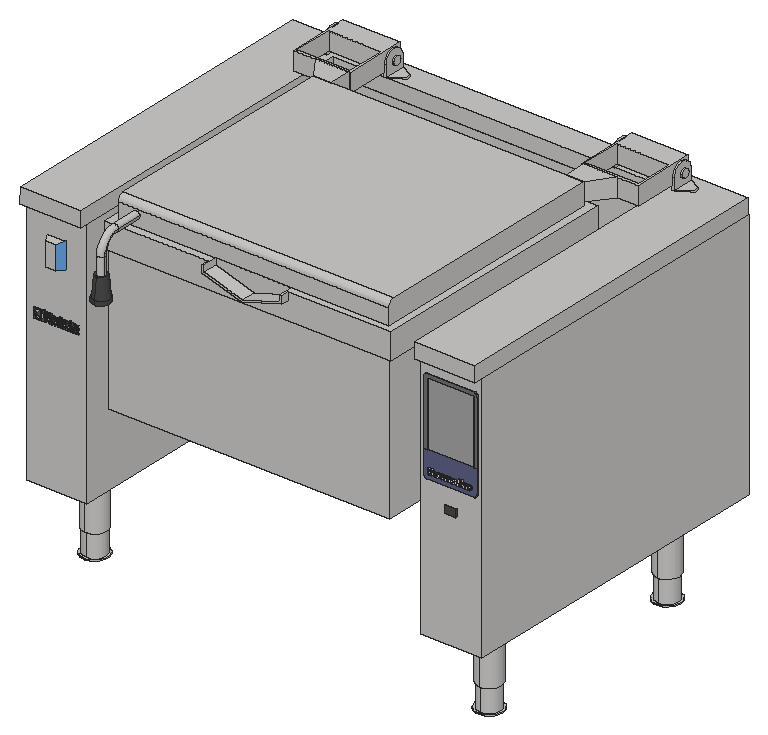
Revit family "QF_ELECTROLUXPROFESSIONAL_587120_PFET06ECIO", category Attrezzature speciali, Revit 2020
Family settings
  Quota connettore circolare = Usa diametro
  Tipo di parte = Normale
  Basato su piano di lavoro = No
  Sempre verticale = Sì
  Taglio con vuoti quando caricato = No
  Condiviso = No
  Punto di calcolo locali = No
Parameters (values of type "Standard")
  Weight = 210.00 kg
  Watts = 15500 W
  Volts = 440 V
  URL Manufacturer = "https://www.electroluxprofessional.com/"
  URL = "https://www.electroluxprofessional.com/"
  Steam Supply Size = 0 mm
  Steam Supply Minimum Pressure = 0.0 Pa
  Steam Supply Maximum Pressure = 0.0 Pa
  Steam Consumption per Hour = 0
  Refrigeration Suction Line Size = 0.0 mm
  Refrigeration Liquid Line Size = 0.0 mm
  Refrigerant Compressor Remote = yes
  Prospetto di default = 0.0 mm
  Produttore = "Electrolux Professional"
  Phase = 3
  Modello = "PFET06ECIO"
  Length Actual = 1200.0 mm  # constant formula
  Item Number = "587120"
  Hot Water Size = 12.7 mm
  Height Actual = 700.0 mm  # constant formula
  HP = "20.8 HP"
  Gas Size = 0 mm
  Gas KW = 0
  Gas Input Pressure = 0 W
  Direct Waste Size = 0 mm
  Descrizione = "ELECTRIC TILTING BRAISING PAN, 60LT,440V,FS,MARINE"
  Depth Actual = 900.0 mm  # constant formula
  Cycle = 50 Hz
  Condensate Return Size = 0 mm
  Compressed Air Volume = 0.0 L/s
  Compressed Air Size = 0 mm
  Compressed Air Pressure = 0.0 Pa
  Cold Water Size = 12.7 mm
  Accessory = yes
Reference planes
  plane 1 "Center (Front/Back)": y = 0
  plane 2: z = 0
  plane 3 "Center (Left/Right)": x = 0
  plane 4 "LEFT": x = -600
  plane 5 "RIGHT": x = 600
  plane 6 "BACK": y = 450
  plane 7 "FRONT": y = -450
  plane 8 "Base": z = 200
  plane 9 "TOP": z = 900
  plane 10: x = -440
  plane 11: x = 440
  plane 12 "Axe_PentolaY": y = -230
  plane 13 "AxePentolaZ": z = 730
  plane 14 "PLANE_TOP": z = 860
  plane 15: y = 380
  plane 16: z = 833
  plane 17: z = 455
  plane 18: z = 293
  plane 19: y = -470
  plane 20 "CentroPentolaY": y = -158
  plane 21 "TopCoperchio": z = 958
  plane 22 "Versamento": z = 910
  plane 23 "V1": through (-107.18, -558, 4000) normal (-0.7071, -0.7071, 0)
  plane 24 "V2": through (107.18, -558, 4000) normal (-0.7071, 0.7071, 0)
  plane 25 "Gfront": y = -1300
  plane 26 "LEVEL": through (-245.562, -289.383, 4000) normal (0.866, 0.5, 0)
  plane 27 "GRight": x = 250
  plane 28 "GLeft": x = -250
  plane 29 "Gback": y = -100
  plane 30: z = 1845
  plane 31 "Ribaltamento": y = -521
  plane 32 "AxeL": x = -520
  plane 33 "AxeR": x = 520
  plane 34 "Pentola_Back": y = 226
  plane 35 "Pentola_L": x = -370.5
  plane 36 "Pentola_R": x = 370.5
  plane 37: x = -310.5
  plane 38 "axeC1": x = -380
  plane 39 "axeC2": x = 380
Forms (mm)
  Revolve 1, solid, material "QF_Finishes_Stainless Steel"
    sketch origin (0, 0, 730) x (-1, 0, 0) y (0, -1, 0)
      loop
        line (440, 230) -> (-440, 230) -> (-440, 140) -> (-430, 140) -> (-430, 173) -> (430, 173) -> (430, 140) -> (440, 140) -> (440, 230)
      axis (440, 230) -> (-440, 230)
    angle from 0 to 360
  Extrusion 2, solid, material "QF_Finishes_Stainless Steel"
    sketch origin (0, 0, 860) x (-1, 0, 0) y (0, -1, 0)
      loop
        line (600, 450) -> (440, 450) -> (440, -380) -> (-440, -380) -> (-440, 450) -> (-600, 450) -> (-600, -450) -> (600, -450) -> (600, 450)
    from 0 to 40
  Extrusion 3, solid, material "QF_Finishes_Stainless Steel"
    sketch origin (0, 0, 860) x (-1, 0, 0) y (0, -1, 0)
      loop
        line (440, -380) -> (-440, -380) -> (-440, -450) -> (440, -450) -> (440, -380)
    from 0 to -360
  Extrusion 4, solid, material "QF_Finishes_Stainless Steel"
    sketch origin (-380, 0, 0) x (0, 1, 0) y (0, 0, 1)
      loop
        line (433.242, 900) -> (433.242, 931.379)
        arc (433.242, 931.379) -> (406.621, 958) -> (380, 931.379) r 26.621
        line (380, 931.379) -> (380, 900) -> (433.242, 900)
    from 75 to 82
  Extrusion 5, solid, material "QF_Finishes_Stainless Steel"
    sketch origin (-380, 0, 900) x (0, 1, 0) y (-1, 0, 0)
      loop
        arc (395.936, -111.185) -> (406.621, -117.525) -> (417.305, -111.185) r 12.174
        line (417.305, -111.185) -> (433.242, -82) -> (380, -82) -> (395.936, -111.185)
      loop
        line (395.936, 111.185) -> (380, 82) -> (433.242, 82) -> (417.305, 111.185)
        arc (417.305, 111.185) -> (406.621, 117.525) -> (395.936, 111.185) r 12.174
    from 0 to 3
  Extrusion 6, solid, material "QF_Door-Drawer Clearances", detail levels coarse
    sketch origin (0, 0, 0) x (0, 1, 0) y (0, 0, 1)
      loop
        line (-415, 958) -> (420, 958) -> (209.062, 1745.23) -> (194.574, 1741.347) -> (180.687, 1793.174)
        arc (180.687, 1793.174) -> (156.279, 1828.463) -> (116.687, 1845) r 76.299
        arc (116.687, 1845) -> (-327.776, 1502.756) -> (-519.112, 975.434) r 1003.531
        line (-519.112, 975.434) -> (-430, 943)
        arc (-430, 943) -> (-425.607, 953.607) -> (-415, 958) r 15
      loop
        arc (-470, 900) -> (-521.02, 709.615) -> (-444, 528.183) r 302.677
        line (-444, 528.183) -> (-444, 833) -> (-450, 833) -> (-450, 847.898) -> (-470, 847.898) -> (-470, 900)
    from 105 to -105
  Extrusion 7, solid, material "QF_Finishes_Stainless Steel"
    sketch origin (0, 0, 0) x (0, 1, 0) y (0, 0, 1)
      loop
        line (226, 833) -> (-444, 833) -> (-444, 455) -> (226, 455) -> (226, 833)
    from -370.5 to 370.5
  Extrusion 8, solid, material "QF_Finishes_Stainless Steel"
    sketch origin (0, 0, 0) x (0, 1, 0) y (0, 0, 1)
      loop
        line (232, 833) -> (232, 900) -> (-450, 900) -> (-450, 833) -> (232, 833)
    from -376.5 to 376.5
  Extrusion 9, void
    sketch origin (0, -450, 0) x (-1, 0, 0) y (0, 0, 1)
      loop
        line (-105, 900) -> (-105, 880) -> (0, 847.898) -> (105, 880) -> (105, 900) -> (-105, 900)
    from 0 to 20
  Extrusion 10, solid, material "QF_Finishes_Stainless Steel"
    sketch origin (0, 0, 0) x (0, 1, 0) y (0, 0, 1)
      loop
        line (212, 958) -> (-415, 958)
        arc (-415, 958) -> (-425.607, 953.607) -> (-430, 943) r 15
        line (-430, 943) -> (-430, 900) -> (212, 900) -> (212, 958)
    from -356.5 to 356.5
  Extrusion 11, solid, material "QF_Finishes_Stainless Steel"
    sketch origin (0, -450, 0) x (-1, 0, 0) y (0, 0, 1)
      loop
        line (105, 880) -> (105, 900) -> (100, 900) -> (100, 883.7) -> (0, 853.127) -> (-100, 883.7) -> (-100, 900) -> (-105, 900) -> (-105, 880) -> (0, 847.898) -> (105, 880)
    from -20 to 20
  Extrusion 12, solid, material "QF_Finishes_Stainless Steel"
    sketch origin (-380, 0, 0) x (0, 1, 0) y (0, 0, 1)
      loop
        line (433.242, 900) -> (433.242, 931.379)
        arc (433.242, 931.379) -> (406.621, 958) -> (380, 931.379) r 26.621
        line (380, 931.379) -> (380, 900) -> (433.242, 900)
    from -82 to -75
  Extrusion 13, solid, material "QF_Finishes_Stainless Steel"
    sketch origin (0, 0, 900) x (0, 1, 0) y (-1, 0, 0)
      loop
        line (433.242, 305) -> (433.242, 455) -> (270, 455) -> (270, 305) -> (433.242, 305)
      loop
        line (275, 450) -> (275, 310) -> (380, 310) -> (380, 450) -> (275, 450)
    from 10 to 58
  Extrusion 14, solid, material "QF_Finishes_Stainless Steel"
    sketch origin (-380, 0, 0) x (0, 1, 0) y (0, 0, 1)
      loop
        circle (406.621, 931.379) r 10
    from 82 to 89
  Extrusion 15, solid, material "QF_Finishes_Stainless Steel"
    sketch origin (-380, 0, 0) x (0, 1, 0) y (0, 0, 1)
      loop
        circle (406.621, 931.379) r 10
    from -82 to -89
  Extrusion 16, solid, material "QF_Finishes_Stainless Steel"
    sketch origin (380, 0, 900) x (0, 1, 0) y (-1, 0, 0)
      loop
        arc (395.936, -111.185) -> (406.621, -117.525) -> (417.305, -111.185) r 12.174
        line (417.305, -111.185) -> (433.242, -82) -> (380, -82) -> (395.936, -111.185)
      loop
        line (395.936, 111.185) -> (380, 82) -> (433.242, 82) -> (417.305, 111.185)
        arc (417.305, 111.185) -> (406.621, 117.525) -> (395.936, 111.185) r 12.174
    from 0 to 3
  Extrusion 17, solid, material "QF_Finishes_Stainless Steel"
    sketch origin (380, 0, 0) x (0, 1, 0) y (0, 0, 1)
      loop
        circle (406.621, 931.379) r 10
    from 82 to 89
  Extrusion 18, solid, material "QF_Finishes_Stainless Steel"
    sketch origin (380, 0, 0) x (0, 1, 0) y (0, 0, 1)
      loop
        circle (406.621, 931.379) r 10
    from -82 to -89
  Extrusion 19, solid, material "QF_Finishes_Stainless Steel"
    sketch origin (0, 0, 900) x (0, 1, 0) y (-1, 0, 0)
      loop
        line (433.242, -305) -> (270, -305) -> (270, -455) -> (433.242, -455) -> (433.242, -305)
      loop
        line (275, -450) -> (380, -450) -> (380, -310) -> (275, -310) -> (275, -450)
    from 10 to 58
  Extrusion 20, solid, material "QF_Finishes_Stainless Steel"
    sketch origin (380, 0, 0) x (0, 1, 0) y (0, 0, 1)
      loop
        line (433.242, 900) -> (433.242, 931.379)
        arc (433.242, 931.379) -> (406.621, 958) -> (380, 931.379) r 26.621
        line (380, 931.379) -> (380, 900) -> (433.242, 900)
    from 75 to 82
  Extrusion 21, solid, material "QF_Finishes_Stainless Steel"
    sketch origin (380, 0, 0) x (0, 1, 0) y (0, 0, 1)
      loop
        line (433.242, 900) -> (433.242, 931.379)
        arc (433.242, 931.379) -> (406.621, 958) -> (380, 931.379) r 26.621
        line (380, 931.379) -> (380, 900) -> (433.242, 900)
    from -82 to -75
  Extrusion 22, solid, material "QF_Finishes_Stainless Steel"
    sketch origin (0, 0, 900) x (0, 1, 0) y (-1, 0, 0)
      loop
        line (270, 310.5) -> (270, 397.112) -> (212, 356.5) -> (212, 310.5) -> (270, 310.5)
      loop
        line (270, -310.5) -> (212, -310.5) -> (212, -356.5) -> (270, -397.112) -> (270, -310.5)
    from 10 to 58
Cuts and joins
  Extrusion 9 cuts Extrusion 8
  joined: Extrusion 8, Extrusion 11
Lines and regions (mm)
  symbolic lines
    curve 1: line (600, 450, 900) -> (-600, 450, 900)
    curve 2: line (600, -450, 900) -> (600, 450, 900)
    curve 3: line (-600, 450, 900) -> (-600, -450, 900)
    curve 4: line (-600, -450, 900) -> (-440, -450, 900)
    curve 5: line (-440, -450, 900) -> (-440, 270, 900)
    curve 6: line (440, -450, 900) -> (600, -450, 900)
    curve 7: line (430, -140, 900) -> (430, -320, 900)
    curve 8: line (-430, -140, 900) -> (-430, -320, 900)
    curve 9: line (-430, -140, 900) -> (-440, -140, 900)
    curve 10: line (-430, -320, 900) -> (-440, -320, 900)
    curve 11: line (430, -140, 900) -> (440, -140, 900)
    curve 12: line (430, -320, 900) -> (440, -320, 900)
    curve 18: line (462, 380, 900) -> (455, 380, 900)
    curve 19: line (-430, -172.761, 900) -> (-375.169, -172.761, 900)
    curve 20: line (-430, -286.868, 900) -> (-376.5, -286.868, 900)
    curve 21: line (430, -172.761, 900) -> (376.5, -172.761, 900)
    curve 22: line (430, -286.868, 900) -> (376.5, -286.868, 900)
    curve 48: line (-356.5, -430, 900) -> (356.5, -430, 900)
    curve 49: line (-301.5, -450, 900) -> (-100, -450, 900)
    curve 55: line (100, -450, 900) -> (376.5, -450, 900)
    curve 56: line (-455, 270, 900) -> (-305, 270, 900)
    curve 57: line (-397.112, 270, 900) -> (-356.5, 212, 900)
    curve 58: line (-310.5, 212, 900) -> (-310.5, 232, 900)
    curve 59: line (-305, 270, 900) -> (-305, 433.242, 900)
    curve 60: line (-310, 275, 900) -> (-450, 275, 900)
    curve 61: line (-455, 433.242, 900) -> (-455, 270, 900)
    curve 62: line (-450, 275, 900) -> (-450, 380, 900)
    curve 63: line (-310, 380, 900) -> (-310, 275, 900)
    curve 64: line (-298, 380, 900) -> (-268.815, 395.936, 900)
    curve 65: line (-268.815, 417.305, 900) -> (-298, 433.242, 900)
    curve 66: arc (-268.815, 395.936, 900) -> (-262.475, 406.621, 900) -> (-268.815, 417.305, 900) r 12.174
    curve 67: line (-298, 380, 900) -> (-298, 433.242, 900)
    curve 68: line (-291, 396.621, 900) -> (-291, 416.621, 900)
    curve 69: line (-305, 433.242, 900) -> (-462, 433.242, 900)
    curve 70: line (-469, 416.621, 900) -> (-469, 396.621, 900)
    curve 71: line (-491.185, 395.936, 900) -> (-462, 380, 900)
    curve 72: arc (-491.185, 417.305, 900) -> (-497.525, 406.621, 900) -> (-491.185, 395.936, 900) r 12.174
    curve 73: line (-462, 433.242, 900) -> (-491.185, 417.305, 900)
    curve 74: line (-462, 433.242, 900) -> (-462, 380, 900)
    curve 75: arc (491.185, 395.936, 900) -> (497.525, 406.621, 900) -> (491.185, 417.305, 900) r 12.174
    curve 76: line (462, 380, 900) -> (491.185, 395.936, 900)
    curve 77: line (491.185, 417.305, 900) -> (462, 433.242, 900)
    curve 78: line (462, 380, 900) -> (462, 433.242, 900)
    curve 79: line (469, 396.621, 900) -> (469, 416.621, 900)
    curve 80: line (455, 270, 900) -> (455, 380, 900)
    curve 81: line (450, 380, 900) -> (450, 275, 900)
    curve 82: line (310, 275, 900) -> (310, 380, 900)
    curve 83: line (305, 433.242, 900) -> (305, 380, 900)
    curve 84: line (450, 275, 900) -> (310, 275, 900)
    curve 85: line (455, 270, 900) -> (305, 270, 900)
    curve 86: line (268.815, 395.936, 900) -> (298, 380, 900)
    curve 87: line (298, 433.242, 900) -> (268.815, 417.305, 900)
    curve 88: arc (268.815, 417.305, 900) -> (262.475, 406.621, 900) -> (268.815, 395.936, 900) r 12.174
    curve 89: line (291, 416.621, 900) -> (291, 396.621, 900)
    curve 90: line (298, 433.242, 900) -> (298, 380, 900)
    curve 91: line (356.5, 212, 900) -> (397.112, 270, 900)
    curve 92: line (310.5, 270, 900) -> (310.5, 212, 900)
    curve 93: line (-310.5, 232, 900) -> (-310.5, 270, 900)
    curve 94: line (-370.504, 232, 900) -> (-376.5, 232, 900)
    curve 95: line (310.5, 232, 900) -> (-310.5, 232, 900)
    curve 96: line (-469, 416.621, 900) -> (-462, 416.621, 900)
    curve 97: line (-469, 396.621, 900) -> (-462, 396.621, 900)
    curve 98: line (-291, 416.621, 900) -> (-298, 416.621, 900)
    curve 99: line (-291, 396.621, 900) -> (-298, 396.621, 900)
    curve 100: line (291, 396.621, 900) -> (298, 396.621, 900)
    curve 101: line (291, 416.621, 900) -> (298, 416.621, 900)
    curve 102: line (469, 416.621, 900) -> (462, 416.621, 900)
    curve 103: line (469, 396.621, 900) -> (462, 396.621, 900)
    curve 104: line (298, 433.242, 900) -> (462, 433.242, 900)
    curve 105: line (-450, 380, 900) -> (-310, 380, 900)
    curve 106: line (305, 380, 900) -> (305, 270, 900)
    curve 107: line (305, 380, 900) -> (-305, 380, 900)
    curve 108: line (450, 380, 900) -> (310, 380, 900)
    curve 109: line (455, 380, 900) -> (455, 433.242, 900)
    curve 110: line (440, 270, 900) -> (440, -450, 900)
    curve 111: line (-462, 380, 900) -> (-455, 380, 900)
  symbolic lines, style "SpecialityEquipmentHiddenLines"
    curve 13: line (-250, -1300, 900) -> (250, -1300, 900)
    curve 14: line (-250, -100, 900) -> (-250, -1300, 900)
    curve 15: line (250, -100, 900) -> (-250, -100, 900)
    curve 16: line (250, -1300, 900) -> (250, -100, 900)
    curve 39: line (0, -1165.484, 900) -> (0, -1135.484, 900)
    curve 40: line (-15, -1150.484, 900) -> (15, -1150.484, 900)
  symbolic lines, style "SpecialityEquipment"
    curve 17: circle (0, -1150.484, 900) r 15 normal (0, 0, 1)
    curve 23: line (210, -1300, 900) -> (210, -1100, 900)
    curve 24: line (170, -1300, 900) -> (170, -1140, 900)
    curve 25: line (130, -1300, 900) -> (130, -1180, 900)
    curve 26: line (90, -1300, 900) -> (90, -1220, 900)
    curve 27: line (90, -1260, 900) -> (250, -1260, 900)
    curve 28: line (130, -1220, 900) -> (250, -1220, 900)
    curve 29: line (170, -1180, 900) -> (250, -1180, 900)
    curve 30: line (210, -1140, 900) -> (250, -1140, 900)
    curve 31: line (-210, -1300, 900) -> (-210, -1100, 900)
    curve 32: line (-170, -1300, 900) -> (-170, -1140, 900)
    curve 33: line (-130, -1300, 900) -> (-130, -1180, 900)
    curve 34: line (-90, -1300, 900) -> (-90, -1220, 900)
    curve 35: line (-90, -1260, 900) -> (-250, -1260, 900)
    curve 36: line (-130, -1220, 900) -> (-250, -1220, 900)
    curve 37: line (-170, -1180, 900) -> (-250, -1180, 900)
    curve 38: line (-210, -1140, 900) -> (-250, -1140, 900)
    curve 41: line (-356.5, 212, 900) -> (-356.5, -430, 900)
    curve 42: line (356.5, -430, 900) -> (356.5, 212, 900)
    curve 43: line (356.5, 212, 900) -> (-356.5, 212, 900)
    curve 44: line (-376.5, 232, 900) -> (-376.5, -450, 900)
    curve 45: line (376.5, 232, 900) -> (370.504, 232, 900)
    curve 46: line (-376.5, -450, 900) -> (-319.5, -450, 900)
    curve 47: line (376.5, -450, 900) -> (376.5, 232, 900)
    curve 50: line (-100, -430, 900) -> (-100, -470, 900)
    curve 51: line (-105, -470, 900) -> (105, -470, 900)
    curve 52: line (100, -470, 900) -> (100, -430, 900)
    curve 53: line (105, -470, 900) -> (105, -450, 900)
    curve 54: line (-105, -450, 900) -> (-105, -470, 900)
Dimensions and locks
  plane 4 "LEFT" to plane 5 "RIGHT" = 1200.0 mm
  equal spacing: plane 4 "LEFT", plane 3 "Center (Left/Right)", plane 5 "RIGHT"
  equal spacing: plane 6 "BACK", plane 1 "Center (Front/Back)", plane 7 "FRONT"
  plane 6 "BACK" to plane 7 "FRONT" = 900.0 mm
  plane 8 "Base" to level = 200.0 mm
  plane 9 "TOP" to level = 900.0 mm
  plane 9 "TOP" to plane 8 "Base" = 700.0 mm
  locked: plane 4 "LEFT" to plane 10 at 160
  locked: plane 11 to plane 5 "RIGHT" at 160
  locked: plane 6 "BACK" to plane 12 "Axe_PentolaY" at 680
  locked: plane 13 "AxePentolaZ" to plane 8 "Base" at 530
  locked: Revolve 1 sketch curve to Revolve 1 sketch curve at 57
  locked: Revolve 1 sketch curve to Revolve 1 sketch curve at 90
  locked: plane 10 to Revolve 1 sketch curve at 10
  locked: Revolve 1 sketch curve to plane 11 at 10
  locked: plane 9 "TOP" to plane 14 "PLANE_TOP" at 40
  plane 6 "BACK" to plane 15 = 70.0 mm
  locked: plane 16 to plane 13 "AxePentolaZ" at 103
  locked: plane 13 "AxePentolaZ" to plane 17 at 275
  locked: plane 17 to plane 18 at 162
  plane 6 "BACK" to plane 19 = 920.0 mm
  locked: plane 6 "BACK" to plane 20 "CentroPentolaY" at 608
  locked: plane 21 "TopCoperchio" to plane 9 "TOP" at 58
  locked: plane 22 "Versamento" to level at 910
  plane 6 "BACK" to plane 25 "Gfront" = 1750.0 mm
  locked: plane 28 "GLeft" to plane 3 "Center (Left/Right)" at 250
  locked: plane 3 "Center (Left/Right)" to plane 27 "GRight" at 250
  plane 6 "BACK" to plane 29 "Gback" = 550.0 mm
  plane 30 to plane 9 "TOP" = 945.0 mm
  plane 6 "BACK" to plane 31 "Ribaltamento" = 971.0 mm
  equal spacing: plane 10, plane 32 "AxeL", plane 4 "LEFT"
  equal spacing: plane 5 "RIGHT", plane 33 "AxeR", plane 11
  locked: plane 36 "Pentola_R" to plane 35 "Pentola_L" at 741
  equal spacing: plane 36 "Pentola_R", plane 3 "Center (Left/Right)", plane 35 "Pentola_L"
  locked: Extrusion 8 sketch curve to plane 34 "Pentola_Back" at 6
  plane 34 "Pentola_Back" to plane 12 "Axe_PentolaY" = 456.0 mm
  locked: plane 37 to plane 35 "Pentola_L" at 60
  plane 4 "LEFT" to plane 38 "axeC1" = 220.0 mm
  plane 39 "axeC2" to plane 5 "RIGHT" = 220.0 mm
  locked: cut or joined group of Extrusion 8, Extrusion 9, Extrusion 11 to plane 36 "Pentola_R" at 6
  locked: plane 35 "Pentola_L" to cut or joined group of Extrusion 8, Extrusion 9, Extrusion 11 at 6
  locked: Extrusion 10 to plane 35 "Pentola_L" at 14
  locked: plane 36 "Pentola_R" to Extrusion 10 at 14
  aligned and locked: level to plane 2
  aligned and locked: plane 5 "RIGHT" to nested 2
  aligned and locked: plane 4 "LEFT" to nested 1
  aligned and locked: plane 8 "Base" to nested 1
  aligned and locked: plane 6 "BACK" to nested 2
  aligned and locked: plane 10 to Revolve 1 sketch curve
  aligned and locked: plane 11 to Revolve 1 sketch curve
  aligned and locked: plane 4 "LEFT" to Extrusion 2 sketch curve
  aligned and locked: Extrusion 2 sketch curve to plane 10
  aligned and locked: plane 7 "FRONT" to Extrusion 2 sketch curve  (x2)
  aligned and locked: Extrusion 2 sketch curve to plane 5 "RIGHT"
  aligned and locked: plane 11 to Extrusion 2 sketch curve
  aligned and locked: Extrusion 2 sketch curve to plane 6 "BACK"
  aligned and locked: plane 15 to Extrusion 2 sketch curve
  aligned and locked: Extrusion 3 sketch curve to plane 10
  aligned and locked: plane 6 "BACK" to Extrusion 3 sketch curve
  aligned and locked: plane 11 to Extrusion 3 sketch curve
  aligned and locked: Extrusion 3 sketch curve to plane 15
  aligned and locked: curve 13 to plane 25 "Gfront"
  aligned and locked: curve 14 to plane 28 "GLeft"
  aligned and locked: plane 27 "GRight" to curve 16
  aligned and locked: plane 29 "Gback" to curve 15
  aligned and locked: plane 33 "AxeR" to nested 3
  aligned and locked: plane 17 to Extrusion 7 sketch curve
  aligned and locked: Extrusion 8 sketch curve to plane 16
  aligned and locked: plane 9 "TOP" to Extrusion 8 sketch curve
  aligned and locked: Extrusion 7 to plane 35 "Pentola_L"
  aligned and locked: plane 36 "Pentola_R" to Extrusion 7
  aligned and locked: plane 37 to nested 4
  aligned and locked: plane 32 "AxeL" to nested 5
Automatic sketch dimensions
  plane 12 "Axe_PentolaY" to Revolve 1 sketch curve = 0.0 mm
  Revolve 1 sketch curve to plane 12 "Axe_PentolaY" = 0.0 mm
  plane 20 "CentroPentolaY" to Revolve 1 sketch curve = 18.0 mm
  plane 5 "RIGHT" to Revolve 1 sketch curve = 432.098 mm
  Revolve 1 sketch curve to plane 4 "LEFT" = 580.148 mm
  Extrusion 4 sketch curve to plane 9 "TOP" = 0.0 mm
  Extrusion 4 sketch curve to plane 15 = 0.0 mm
  plane 15 to Extrusion 4 sketch curve = 26.621 mm
  plane 22 "Versamento" to Extrusion 4 sketch curve = 21.379 mm
  Extrusion 5 sketch curve to plane 15 = 0.0 mm  (x2)
  plane 15 to Extrusion 5 sketch curve = 15.936 mm  (x2)
  Extrusion 5 sketch curve to Extrusion 5 sketch curve = 10.684 mm  (x4)
  Extrusion 5 sketch curve to plane 28 "GLeft" = 18.815 mm
  Extrusion 5 sketch curve to plane 6 "BACK" = 16.758 mm  (x2)
  Extrusion 5 sketch curve to Extrusion 5 sketch curve = 5.834 mm  (x2)
  plane 37 to Extrusion 5 sketch curve = 12.5 mm
  Extrusion 5 sketch curve to plane 10 = 22.0 mm
  plane 32 "AxeL" to Extrusion 5 sketch curve = 34.649 mm
  Extrusion 7 sketch curve to plane 16 = 0.0 mm
  Extrusion 7 sketch curve to plane 34 "Pentola_Back" = 0.0 mm
  plane 7 "FRONT" to Extrusion 7 sketch curve = 6.0 mm
  Extrusion 8 sketch curve to plane 7 "FRONT" = 0.0 mm
  Extrusion 9 sketch curve to plane 9 "TOP" = 0.0 mm
  Extrusion 9 sketch curve to plane 3 "Center (Left/Right)" = 0.0 mm
  plane 3 "Center (Left/Right)" to Extrusion 9 sketch curve = 105.0 mm
  Extrusion 9 sketch curve to plane 9 "TOP" = 20.0 mm  (x2)
  Extrusion 9 sketch curve to plane 3 "Center (Left/Right)" = 105.0 mm
  Extrusion 9 sketch curve to plane 14 "PLANE_TOP" = 12.102 mm
  Extrusion 10 sketch curve to plane 9 "TOP" = 0.0 mm
  plane 7 "FRONT" to Extrusion 10 sketch curve = 20.0 mm
  Extrusion 10 sketch curve to Extrusion 10 sketch curve = 15.0 mm
  Extrusion 10 sketch curve to plane 34 "Pentola_Back" = 14.0 mm
  Extrusion 11 sketch curve to plane 9 "TOP" = 0.0 mm  (x2)
  Extrusion 11 sketch curve to plane 3 "Center (Left/Right)" = 0.0 mm  (x2)
  plane 3 "Center (Left/Right)" to Extrusion 11 sketch curve = 100.0 mm
  Extrusion 11 sketch curve to Extrusion 11 sketch curve = 5.0 mm  (x2)
  Extrusion 11 sketch curve to plane 9 "TOP" = 16.3 mm
  Extrusion 11 sketch curve to plane 3 "Center (Left/Right)" = 100.0 mm
  Extrusion 11 sketch curve to plane 9 "TOP" = 20.0 mm  (x2)
  Extrusion 11 sketch curve to plane 14 "PLANE_TOP" = 6.873 mm
  Extrusion 11 sketch curve to Extrusion 11 sketch curve = 5.228 mm
  Extrusion 11 sketch curve to Extrusion 11 sketch curve = 3.7 mm
  Extrusion 12 sketch curve to plane 9 "TOP" = 0.0 mm
  Extrusion 12 sketch curve to plane 15 = 0.0 mm
  plane 15 to Extrusion 12 sketch curve = 26.621 mm
  plane 22 "Versamento" to Extrusion 12 sketch curve = 21.379 mm
  Extrusion 13 sketch curve to plane 15 = 0.0 mm
  plane 37 to Extrusion 13 sketch curve = 0.5 mm
  plane 34 "Pentola_Back" to Extrusion 13 sketch curve = 49.0 mm
  Extrusion 13 sketch curve to Extrusion 13 sketch curve = 5.0 mm
  Extrusion 13 sketch curve to plane 6 "BACK" = 16.758 mm
  plane 37 to Extrusion 13 sketch curve = 5.5 mm
  Extrusion 13 sketch curve to plane 10 = 10.0 mm
  Extrusion 13 sketch curve to plane 10 = 15.0 mm
  plane 15 to Extrusion 14 sketch curve = 26.621 mm
  plane 22 "Versamento" to Extrusion 14 sketch curve = 21.379 mm
  plane 15 to Extrusion 15 sketch curve = 26.621 mm
  plane 22 "Versamento" to Extrusion 15 sketch curve = 21.379 mm
  Extrusion 16 sketch curve to plane 15 = 0.0 mm  (x2)
  plane 15 to Extrusion 16 sketch curve = 15.936 mm  (x2)
  Extrusion 16 sketch curve to Extrusion 16 sketch curve = 10.684 mm  (x4)
  plane 27 "GRight" to Extrusion 16 sketch curve = 18.815 mm
  Extrusion 16 sketch curve to plane 6 "BACK" = 16.758 mm  (x2)
  Extrusion 16 sketch curve to Extrusion 16 sketch curve = 5.834 mm  (x2)
  Extrusion 16 sketch curve to Extrusion 16 sketch curve = 29.185 mm
  plane 11 to Extrusion 16 sketch curve = 22.0 mm
  Extrusion 16 sketch curve to plane 33 "AxeR" = 34.649 mm
  plane 15 to Extrusion 17 sketch curve = 26.621 mm
  plane 22 "Versamento" to Extrusion 17 sketch curve = 21.379 mm
  plane 15 to Extrusion 18 sketch curve = 26.621 mm
  plane 22 "Versamento" to Extrusion 18 sketch curve = 21.379 mm
  Extrusion 19 sketch curve to plane 15 = 0.0 mm
  Extrusion 19 sketch curve to plane 34 "Pentola_Back" = 49.0 mm
  Extrusion 19 sketch curve to Extrusion 19 sketch curve = 5.0 mm  (x2)
  plane 6 "BACK" to Extrusion 19 sketch curve = 16.758 mm
  Extrusion 19 sketch curve to plane 27 "GRight" = 55.0 mm
  Extrusion 19 sketch curve to plane 11 = 10.0 mm
  Extrusion 19 sketch curve to plane 11 = 15.0 mm
  Extrusion 20 sketch curve to plane 9 "TOP" = 0.0 mm
  Extrusion 20 sketch curve to plane 15 = 0.0 mm
  Extrusion 20 sketch curve to Extrusion 20 sketch curve = 26.621 mm
  plane 22 "Versamento" to Extrusion 20 sketch curve = 21.379 mm
  Extrusion 21 sketch curve to plane 9 "TOP" = 0.0 mm
  Extrusion 21 sketch curve to plane 15 = 0.0 mm
  Extrusion 21 sketch curve to Extrusion 21 sketch curve = 26.621 mm
  plane 22 "Versamento" to Extrusion 21 sketch curve = 21.379 mm
  Extrusion 22 sketch curve to plane 37 = 0.0 mm
  Extrusion 22 sketch curve to plane 34 "Pentola_Back" = 14.0 mm  (x2)
  Extrusion 22 sketch curve to plane 38 "axeC1" = 17.112 mm
  plane 34 "Pentola_Back" to Extrusion 22 sketch curve = 44.0 mm  (x2)
  Extrusion 22 sketch curve to plane 36 "Pentola_R" = 60.0 mm
  Extrusion 22 sketch curve to plane 36 "Pentola_R" = 14.0 mm
  plane 39 "axeC2" to Extrusion 22 sketch curve = 17.112 mm
  plane 35 "Pentola_L" to Extrusion 22 sketch curve = 14.0 mm
  Extrusion 10 sketch curve to plane 21 "TopCoperchio" = 0.0 mm
  Extrusion 6 sketch curve to plane 9 "TOP" = 0.0 mm
  Extrusion 6 sketch curve to plane 19 = 0.0 mm
  Extrusion 6 sketch curve to plane 7 "FRONT" = 0.0 mm
  Extrusion 6 sketch curve to plane 16 = 0.0 mm
  Extrusion 6 sketch curve to plane 21 "TopCoperchio" = 0.0 mm
  Extrusion 6 sketch curve to plane 30 = 0.0 mm
  Extrusion 6 sketch curve to Extrusion 6 sketch curve = 6.0 mm
  plane 7 "FRONT" to Extrusion 6 sketch curve = 20.0 mm
  Extrusion 6 sketch curve to plane 21 "TopCoperchio" = 15.0 mm
  plane 13 "AxePentolaZ" to Extrusion 6 sketch curve = 0.728 mm
  plane 12 "Axe_PentolaY" to Extrusion 6 sketch curve = 10.919 mm
  Extrusion 6 sketch curve to plane 1 "Center (Front/Back)" = 108.263 mm
  Extrusion 6 sketch curve to plane 34 "Pentola_Back" = 45.313 mm
  Extrusion 6 sketch curve to plane 34 "Pentola_Back" = 31.426 mm
  Extrusion 6 sketch curve to Extrusion 6 sketch curve = 14.489 mm
  Extrusion 6 sketch curve to plane 6 "BACK" = 30.0 mm
  plane 22 "Versamento" to Extrusion 6 sketch curve = 0.445 mm
  plane 6 "BACK" to Extrusion 6 sketch curve = 32.313 mm
  Extrusion 6 sketch curve to plane 14 "PLANE_TOP" = 12.102 mm
  Extrusion 6 sketch curve to plane 30 = 103.653 mm
  Extrusion 6 sketch curve to Extrusion 6 sketch curve = 24.006 mm
  plane 31 "Ribaltamento" to Extrusion 6 sketch curve = 1.888 mm
  curve 39 to plane 3 "Center (Left/Right)" = 0.0 mm
  curve 17 to plane 3 "Center (Left/Right)" = 0.0 mm
  curve 50 to plane 19 = 0.0 mm
  curve 110 to plane 7 "FRONT" = 0.0 mm
  curve 55 to plane 7 "FRONT" = 0.0 mm
  curve 49 to plane 7 "FRONT" = 0.0 mm
  curve 5 to plane 7 "FRONT" = 0.0 mm
  curve 44 to plane 7 "FRONT" = 0.0 mm
  curve 10 to plane 10 = 0.0 mm
  curve 12 to plane 11 = 0.0 mm
  curve 58 to plane 37 = 0.0 mm
  curve 93 to plane 37 = 0.0 mm
  curve 63 to plane 15 = 0.0 mm
  curve 108 to plane 15 = 0.0 mm
  curve 64 to plane 15 = 0.0 mm
  curve 109 to plane 15 = 0.0 mm
  curve 111 to plane 15 = 0.0 mm
  curve 2 to plane 5 "RIGHT" = 0.0 mm
  curve 2 to plane 6 "BACK" = 0.0 mm
  curve 1 to plane 4 "LEFT" = 0.0 mm
  plane 25 "Gfront" to curve 17 = 149.516 mm
  plane 7 "FRONT" to curve 48 = 20.0 mm
  curve 12 to plane 11 = 10.0 mm
  curve 12 to plane 12 "Axe_PentolaY" = 90.0 mm
  plane 10 to curve 8 = 10.0 mm
  curve 8 to plane 12 "Axe_PentolaY" = 90.0 mm
  plane 20 "CentroPentolaY" to curve 8 = 18.0 mm
  plane 20 "CentroPentolaY" to curve 7 = 18.0 mm
  curve 57 to plane 34 "Pentola_Back" = 14.0 mm
  plane 34 "Pentola_Back" to curve 47 = 6.0 mm
  plane 34 "Pentola_Back" to curve 44 = 6.0 mm
  plane 34 "Pentola_Back" to curve 93 = 6.0 mm
  plane 37 to curve 59 = 5.5 mm
  curve 58 to curve 59 = 38.0 mm
  curve 95 to curve 85 = 38.0 mm
  curve 80 to curve 81 = 5.0 mm  (x2)
  plane 37 to curve 60 = 0.5 mm
  curve 93 to curve 60 = 5.0 mm
  plane 15 to curve 86 = 15.936 mm
  plane 15 to curve 64 = 15.936 mm
  plane 15 to curve 71 = 15.936 mm
  plane 15 to curve 76 = 15.936 mm
  plane 15 to curve 70 = 16.621 mm
  plane 15 to curve 68 = 16.621 mm
  plane 15 to curve 79 = 16.621 mm
  plane 15 to curve 100 = 16.621 mm
  curve 86 to curve 88 = 10.684 mm
  curve 76 to curve 75 = 10.684 mm
  curve 64 to curve 66 = 10.684 mm
  curve 71 to curve 72 = 10.684 mm
  curve 88 to curve 101 = 10.0 mm
  curve 72 to curve 70 = 10.0 mm
  curve 66 to curve 98 = 10.0 mm
  curve 75 to curve 102 = 10.0 mm
  curve 75 to curve 77 = 10.684 mm
  curve 65 to plane 28 "GLeft" = 18.815 mm
  curve 66 to curve 65 = 10.684 mm
  plane 27 "GRight" to curve 87 = 18.815 mm
  curve 88 to curve 87 = 10.684 mm
  curve 72 to curve 73 = 10.684 mm
  curve 101 to curve 87 = 16.621 mm
  curve 96 to curve 74 = 16.621 mm
  curve 59 to curve 67 = 0.0 mm
  curve 76 to plane 33 "AxeR" = 28.815 mm
  curve 77 to curve 75 = 5.834 mm
  curve 75 to curve 79 = 16.351 mm
  curve 79 to curve 77 = 7.0 mm
  plane 11 to curve 85 = 15.0 mm
  curve 55 to plane 39 "axeC2" = 3.5 mm
  curve 43 to plane 36 "Pentola_R" = 14.0 mm
  plane 27 "GRight" to curve 82 = 60.0 mm
  curve 82 to curve 107 = 5.0 mm
  curve 90 to curve 87 = 29.185 mm
  curve 100 to curve 89 = 7.0 mm
  curve 88 to curve 87 = 5.834 mm
  plane 3 "Center (Left/Right)" to curve 51 = 105.0 mm
  curve 54 to plane 3 "Center (Left/Right)" = 105.0 mm
  curve 65 to curve 66 = 5.834 mm
  curve 66 to curve 68 = 16.351 mm
  curve 65 to curve 59 = 7.0 mm
  plane 35 "Pentola_L" to curve 41 = 14.0 mm
  plane 38 "axeC1" to curve 44 = 3.5 mm
  curve 105 to plane 10 = 10.0 mm
  curve 60 to curve 56 = 5.0 mm
  curve 61 to curve 74 = 7.0 mm
  curve 96 to curve 70 = 7.0 mm
  curve 70 to curve 72 = 16.351 mm
  curve 72 to curve 73 = 5.834 mm
  curve 34 to curve 35 = 40.0 mm
  curve 13 to curve 27 = 40.0 mm
  curve 35 to curve 36 = 40.0 mm
  curve 27 to curve 28 = 40.0 mm
  curve 36 to curve 34 = 0.0 mm
  curve 26 to curve 28 = 0.0 mm
  curve 36 to curve 33 = 40.0 mm
  curve 36 to curve 37 = 40.0 mm
  curve 28 to curve 25 = 40.0 mm
  curve 28 to curve 29 = 40.0 mm
  curve 39 to curve 17 = 15.0 mm
  curve 40 to curve 17 = 0.0 mm
  curve 29 to curve 30 = 40.0 mm
  curve 37 to curve 32 = 40.0 mm
  curve 38 to curve 32 = 0.0 mm
  curve 24 to curve 30 = 0.0 mm
  curve 38 to curve 31 = 40.0 mm
  curve 30 to curve 23 = 40.0 mm
  curve 7 to curve 22 = 33.132 mm
  curve 8 to curve 20 = 33.132 mm
  curve 21 to plane 20 "CentroPentolaY" = 14.761 mm
  curve 19 to plane 20 "CentroPentolaY" = 14.761 mm
  curve 109 to curve 18 = 0.0 mm
  plane 39 "axeC2" to curve 91 = 17.112 mm
  curve 92 to curve 82 = 0.5 mm
  curve 83 to curve 87 = 7.0 mm
  curve 86 to curve 90 = 0.0 mm
  curve 30 to plane 27 "GRight" = 40.0 mm
  curve 30 to curve 24 = 40.0 mm
  curve 24 to curve 25 = 40.0 mm
  curve 53 to curve 52 = 5.0 mm
  curve 25 to curve 26 = 40.0 mm
  curve 35 to plane 3 "Center (Left/Right)" = 90.0 mm
  curve 50 to curve 51 = 5.0 mm
  curve 34 to curve 36 = 40.0 mm
  curve 33 to curve 37 = 40.0 mm
  curve 31 to curve 13 = 40.0 mm
  curve 64 to curve 67 = 0.0 mm
  plane 37 to curve 49 = 9.0 mm
  curve 46 to plane 37 = 9.0 mm
  curve 94 to plane 35 "Pentola_L" = 0.004 mm
  curve 19 to plane 35 "Pentola_L" = 4.669 mm
  radius of Extrusion 14 sketch curve = 10.0 mm
  radius of Extrusion 15 sketch curve = 10.0 mm
  radius of Extrusion 17 sketch curve = 10.0 mm
  radius of Extrusion 18 sketch curve = 10.0 mm
Nested families
  nested 1: "QF_ELECTROLUXPROFESSIONAL_PBOTNB900_LEFT" at (-520, 0, 0), type "QF_ELECTROLUXPROFESSIONAL_PBOTNB900_LEFT"
    with Body Finish QF_Finishes_Stainless Steel
  nested 2: "QF_ELECTROLUXPROFESSIONAL_PBOTNB900_RIGHT" at (520, 0, 0), type "QF_ELECTROLUXPROFESSIONAL_PBOTNB900_RIGHT"
    with Body Finish QF_Finishes_Stainless Steel
  nested 3: "QF_ELECTROLUXPROFESSIONAL_2FEET_THL_120xH200" at (520, 0, 0), type "QF_ELECTROLUXPROFESSIONAL_2FEET_THL_120xH200"
  nested 4: "QF_ELECTROLUXPROFESSIONAL_PFET900_LEVEL1" at (-310.5, -430, 927.803), type "QF_ELECTROLUXPROFESSIONAL_PFET900_LEVEL1"
  nested 5: "QF_ELECTROLUXPROFESSIONAL_2FEET_THL_120xH200" at (-520, 0, 0), type "QF_ELECTROLUXPROFESSIONAL_2FEET_THL_120xH200"
Connectors
  piping at (-550, 453, 395), diameter 12.7, driven by "Hot Water Size"
    settings: on nested 1, index 1, connector inside diameter 609.6 mm, connector length 0.0 mm, flow factor 0, pipe flow 0.0 L/s, pressure drop 0.0 Pa, fitting loss kfactor 0, connector angle 0.00°, fixture units 0, engagement length 0.0 mm, angle of deflection 0.00°, flow configuration 1, flow direction 1, fitting loss method 0, system type 19, joint type 0, gender type 0, connector reference index -1, connector utility 0, adjustable connector no, is connector primary yes, connector description "Hot Water Inlet"
  piping at (-490, 453, 395), diameter 12.7, driven by "Cold Water Size"
    settings: on nested 1, index 2, connector inside diameter 609.6 mm, connector length 0.0 mm, flow factor 0, pipe flow 0.0 L/s, pressure drop 0.0 Pa, fitting loss kfactor 0, connector angle 0.00°, fixture units 0, engagement length 0.0 mm, angle of deflection 0.00°, flow configuration 1, flow direction 1, fitting loss method 0, system type 20, joint type 0, gender type 0, connector reference index -1, connector utility 0, adjustable connector no, is connector primary no, connector description "Cold Water Inlet"
  electrical at (520, 450, 450), driven by "Volts"
    settings: on nested 2, index 3, voltage 440 V, apparent load 0 VA, apparent load phase1 0 VA, apparent load phase2 0 VA, apparent load phase3 0 VA, power factor 1, load classification "Other", number of poles 1, system type 30, power factor state 1, is connector primary yes, connector utility no, sub classification motor no, connector description "Electrical Connection"
Definition of nested family "QF_ELECTROLUXPROFESSIONAL_PBOTNB900_LEFT"
  Parameters
    Width = 160.0 mm
    Right = Width / 2  # 80.0 mm
    Default Elevation = 0.0 mm
    Left = -Width / 2  # -80.0 mm
    Htop = 40.0 mm
    Height = 900.0 mm
    HW_CW_z = 195.0 mm
    HW_CW_y = 312.0 mm
    HW_CW_Border = 50.0 mm
    HBase = 200.0 mm
    Depth = 900.0 mm
    BorderFront = 20.0 mm
    Body Finish [instance] = none
  Reference planes
    plane 1 "Center (Front/Back)": y = 0
    plane 2: z = 0
    plane 3 "Center (Left/Right)": x = 0
    plane 4 "LEFT": x = -80
    plane 5 "RIGHT": x = 80
    plane 6 "BACK": y = 450
    plane 7 "FRONT": y = -450
    plane 8 "TRAYSLIDER": y = -811.8
    plane 9 "Base": z = 200
    plane 10 "TOP": z = 900
    plane 11 "BorderFront": y = -430
    plane 12: z = 860
    plane 13 "HW_CW": y = 138
    plane 14: x = -30
    plane 15: x = 30
    plane 16 "STEAM": z = 340
    plane 17 "CHW": z = 395
  Forms (mm)
    Extrusion 1, solid
      sketch origin (0, 0, 0) x (1, 0, 0) y (0, 1, 0)
        loop
          line (-80, 450) -> (-80, -430) -> (80, -430) -> (80, 450) -> (-80, 450)
      from 860 to 200
    Extrusion 2, solid, material <- "Body Finish"
      sketch origin (0, 450, 0) x (-1, 0, 0) y (0, 0, 1)
        loop
          circle (30, 395) r 6.35
        loop
          circle (-30, 395) r 6.35
      from 3 to 0
    Blend 3, solid, material <- "Body Finish"
      base sketch origin (0, -430, -0.233) x (-1, 0, 0) y (0, 0, 1)
        loop
          line (23.5, 800.233) -> (-23.5, 800.233) -> (-23.5, 733.433) -> (23.5, 733.433) -> (23.5, 800.233)
      top sketch origin (0, -430, -0.233) x (-1, 0, 0) y (0, 0, 1)
        loop
          line (13.448, 797.45) -> (-13.448, 797.45) -> (-13.448, 736.216) -> (13.448, 736.216) -> (13.448, 797.45)
      from 0 to -20
    Extrusion 4, solid
      sketch origin (-12.54, -430, 23) x (-1, 0, 0) y (0, 0, 1)
        loop
          line (5.327, 593.058) -> (5.327, 590.846) -> (11.437, 590.846) -> (11.437, 587.616) -> (5.692, 587.616) -> (5.692, 585.398) -> (11.437, 585.398) -> (11.437, 583.444)
          arc (11.437, 583.444) -> (10.839, 582.088) -> (9.435, 581.614) r 1.838
          line (9.435, 581.614) -> (5.163, 581.614) -> (5.163, 579.403) -> (9.986, 579.403)
          arc (9.986, 579.403) -> (12.674, 580.517) -> (13.788, 583.205) r 3.802
          line (13.788, 583.205) -> (13.788, 593.058) -> (5.327, 593.058)
        loop
          line (3.492, 593.058) -> (1.141, 593.058) -> (1.141, 579.403) -> (3.492, 579.403) -> (3.492, 593.058)
        loop
          line (-47.588, 593.058) -> (-49.941, 593.058) -> (-49.941, 579.403) -> (-47.588, 579.403) -> (-47.588, 593.058)
        loop
          arc (-2.749, 583.764) -> (-3.194, 582.272) -> (-4.489, 581.409) r 2.29
          arc (-4.489, 581.409) -> (-6.614, 581.225) -> (-8.443, 582.322) r 3.458
          line (-8.443, 582.322) -> (-9.836, 580.928)
          arc (-9.836, 580.928) -> (-7.685, 579.48) -> (-5.119, 579.102) r 5.86
          arc (-5.119, 579.102) -> (-1.823, 580.467) -> (-0.457, 583.764) r 4.662
          arc (-0.457, 583.764) -> (-1.495, 587.706) -> (-5.131, 589.55) r 4.976
          arc (-5.131, 589.55) -> (-9.259, 588.004) -> (-10.466, 583.764) r 4.89
          line (-10.466, 583.764) -> (-2.749, 583.764)
        loop
          arc (-2.808, 585.417) -> (-3.843, 587.066) -> (-5.727, 587.557) r 2.64
          arc (-5.727, 587.557) -> (-7.36, 586.981) -> (-8.104, 585.417) r 2.256
          line (-8.104, 585.417) -> (-2.808, 585.417)
        loop
          arc (-19.634, 586.402) -> (-17.741, 587.437) -> (-15.609, 587.112) r 3.369
          arc (-15.609, 587.112) -> (-14.276, 585.699) -> (-14.118, 583.764) r 2.933
          arc (-14.118, 583.764) -> (-16.389, 581.316) -> (-19.559, 582.365) r 3.088
          line (-19.559, 582.365) -> (-21.028, 580.896)
          arc (-21.028, 580.896) -> (-14.811, 579.611) -> (-11.775, 585.186) r 5.33
          arc (-11.775, 585.186) -> (-13.576, 588.365) -> (-17.009, 589.62) r 5.293
          arc (-17.009, 589.62) -> (-19.259, 589.219) -> (-21.111, 587.878) r 5.117
          line (-21.111, 587.878) -> (-19.634, 586.402)
        loop
          line (-22.556, 593.058) -> (-24.908, 593.058) -> (-24.908, 589.279) -> (-27.044, 589.279) -> (-27.044, 587.143) -> (-24.908, 587.143) -> (-24.908, 583.764)
          arc (-24.908, 583.764) -> (-25.11, 582.682) -> (-25.866, 581.883) r 1.949
          arc (-25.866, 581.883) -> (-26.455, 581.649) -> (-27.088, 581.601) r 2.118
          line (-27.088, 581.601) -> (-27.088, 579.397)
          arc (-27.088, 579.397) -> (-24.962, 579.678) -> (-23.283, 581.013) r 4.018
          arc (-23.283, 581.013) -> (-22.759, 582.327) -> (-22.556, 583.727) r 6.031
          line (-22.556, 583.727) -> (-22.556, 593.058)
        loop
          line (-31.355, 584.595) -> (-31.355, 579.403) -> (-29.023, 579.403) -> (-29.023, 589.279) -> (-31.355, 589.279) -> (-31.355, 587.855)
          arc (-31.355, 587.855) -> (-32.932, 589.208) -> (-35.001, 589.403) r 3.432
          line (-35.001, 589.403) -> (-35.001, 587.143)
          arc (-35.001, 587.143) -> (-33.417, 587.175) -> (-32.009, 586.452) r 3.231
          arc (-32.009, 586.452) -> (-31.523, 585.579) -> (-31.355, 584.595) r 2.967
        loop
          circle (-40.752, 584.339) r 5.233
        loop
          circle (-40.752, 584.339) r 3.172
        loop
          line (-58.424, 583.516) -> (-58.424, 589.279) -> (-60.794, 589.279) -> (-60.794, 583.417)
          arc (-60.794, 583.417) -> (-59.481, 580.276) -> (-56.268, 579.153) r 4.181
          arc (-56.268, 579.153) -> (-53.09, 580.243) -> (-51.74, 583.32) r 4.181
          line (-51.74, 583.32) -> (-51.74, 589.279) -> (-54.111, 589.279) -> (-54.111, 583.516)
          arc (-54.111, 583.516) -> (-54.692, 581.919) -> (-56.268, 581.283) r 2.088
          arc (-56.268, 581.283) -> (-57.843, 581.919) -> (-58.424, 583.516) r 2.088
        loop
          line (-62.216, 589.279) -> (-64.76, 589.279) -> (-66.89, 586.347) -> (-69.053, 589.279) -> (-71.621, 589.279) -> (-68.238, 584.695) -> (-71.937, 579.4) -> (-69.425, 579.4) -> (-66.898, 582.879) -> (-64.408, 579.4) -> (-61.879, 579.4) -> (-65.631, 584.642) -> (-62.216, 589.279)
        loop
          arc (12.465, 573.743) -> (10.91, 572.325) -> (12.18, 570.647) r 1.561
          line (12.18, 570.647) -> (13.314, 570.647) -> (13.314, 569.021) -> (14.34, 569.021) -> (14.34, 573.743) -> (12.465, 573.743)
        loop
          line (12.224, 571.575) -> (13.314, 571.575) -> (13.314, 572.789) -> (12.224, 572.789)
          arc (12.224, 572.789) -> (11.836, 572.182) -> (12.224, 571.575) r 0.668
        loop
          arc (5.055, 573.743) -> (3.966, 573.299) -> (3.497, 572.221) r 1.559
          arc (3.497, 572.221) -> (3.646, 571.544) -> (4.091, 571.012) r 1.458
          line (4.091, 571.012) -> (3.163, 569.021) -> (4.265, 569.021) -> (4.944, 570.647) -> (5.937, 570.647) -> (5.937, 569.021) -> (6.963, 569.021) -> (6.963, 573.743) -> (5.055, 573.743)
        loop
          line (5.937, 572.789) -> (4.847, 572.789)
          arc (4.847, 572.789) -> (4.459, 572.182) -> (4.847, 571.575) r 0.668
          line (4.847, 571.575) -> (5.937, 571.575) -> (5.937, 572.789)
        loop
          circle (-2.866, 571.382) r 2.453
        loop
          circle (-2.866, 571.382) r 1.557
        loop
          line (-9.35, 573.743) -> (-12.299, 573.743) -> (-12.299, 572.725) -> (-10.352, 572.725) -> (-10.352, 571.729) -> (-12.129, 571.729) -> (-12.129, 570.671) -> (-10.352, 570.671) -> (-10.352, 569.021) -> (-9.35, 569.021) -> (-9.35, 573.743)
        loop
          line (-16.282, 573.743) -> (-19.27, 573.743) -> (-19.27, 572.851) -> (-17.252, 572.851) -> (-17.252, 571.921) -> (-19.139, 571.921) -> (-19.139, 571.029) -> (-17.252, 571.029)
          arc (-17.252, 571.029) -> (-17.355, 570.353) -> (-17.883, 569.916) r 0.961
          line (-17.883, 569.916) -> (-19.316, 569.916) -> (-19.316, 569.024) -> (-17.792, 569.024)
          arc (-17.792, 569.024) -> (-16.717, 569.474) -> (-16.282, 570.555) r 1.51
          line (-16.282, 570.555) -> (-16.282, 573.743)
        loop
          line (-33.381, 573.145) -> (-32.842, 572.436)
          arc (-32.842, 572.436) -> (-32.43, 572.802) -> (-31.895, 572.931) r 1.135
          arc (-31.895, 572.931) -> (-31.448, 572.574) -> (-31.757, 572.093) r 0.427
          arc (-31.757, 572.093) -> (-32.293, 571.892) -> (-32.815, 571.659) r 9.371
          arc (-32.815, 571.659) -> (-33.228, 571.39) -> (-33.551, 571.017) r 1.779
          arc (-33.551, 571.017) -> (-33.7, 570.209) -> (-33.41, 569.439) r 1.535
          arc (-33.41, 569.439) -> (-32.755, 569.091) -> (-32.028, 568.946) r 2.556
          arc (-32.028, 568.946) -> (-31.439, 569.005) -> (-30.895, 569.238) r 1.957
          arc (-30.895, 569.238) -> (-30.416, 569.671) -> (-30.118, 570.245) r 1.815
          line (-30.118, 570.245) -> (-30.944, 570.63)
          arc (-30.944, 570.63) -> (-31.179, 570.219) -> (-31.563, 569.943) r 1.118
          arc (-31.563, 569.943) -> (-32.007, 569.83) -> (-32.453, 569.935) r 0.963
          arc (-32.453, 569.935) -> (-32.693, 570.417) -> (-32.345, 570.828) r 0.489
          arc (-32.345, 570.828) -> (-31.793, 571.095) -> (-31.211, 571.289) r 4.78
          arc (-31.211, 571.289) -> (-30.52, 572.116) -> (-30.631, 573.188) r 1.385
          arc (-30.631, 573.188) -> (-31.232, 573.642) -> (-31.964, 573.821) r 1.872
          arc (-31.964, 573.821) -> (-32.756, 573.658) -> (-33.381, 573.145) r 1.69
        loop
          line (-37.714, 573.743) -> (-38.684, 573.743) -> (-38.684, 569.024) -> (-37.714, 569.024) -> (-37.714, 573.743)
        loop
          circle (-45.226, 571.384) r 1.468
        loop
          circle (-45.226, 571.384) r 2.451
        loop
          line (-51.736, 569.024) -> (-51.736, 573.743) -> (-52.679, 573.743) -> (-54.838, 570.686) -> (-54.838, 573.743) -> (-55.818, 573.743) -> (-55.818, 569.024) -> (-54.875, 569.024) -> (-52.716, 571.991) -> (-52.716, 569.024) -> (-51.736, 569.024)
        loop
          line (-60.71, 569.024) -> (-59.668, 569.024) -> (-61.514, 573.743) -> (-62.424, 573.743) -> (-64.417, 569.024) -> (-63.375, 569.024) -> (-62.915, 570.042) -> (-61.17, 570.042) -> (-60.71, 569.024)
        loop
          line (-62.48, 571.01) -> (-61.558, 571.01) -> (-62.012, 572.047) -> (-62.48, 571.01)
        loop
          line (-69.237, 569.916) -> (-71.051, 569.916) -> (-71.051, 569.024) -> (-68.266, 569.024) -> (-68.266, 573.743) -> (-69.237, 573.743) -> (-69.237, 569.916)
        loop
          line (-26.307, 573.145) -> (-25.768, 572.436)
          arc (-25.768, 572.436) -> (-25.356, 572.802) -> (-24.821, 572.931) r 1.135
          arc (-24.821, 572.931) -> (-24.373, 572.574) -> (-24.683, 572.093) r 0.427
          arc (-24.683, 572.093) -> (-25.218, 571.892) -> (-25.74, 571.659) r 9.371
          arc (-25.74, 571.659) -> (-26.153, 571.39) -> (-26.476, 571.017) r 1.779
          arc (-26.476, 571.017) -> (-26.625, 570.209) -> (-26.336, 569.439) r 1.535
          arc (-26.336, 569.439) -> (-25.681, 569.091) -> (-24.953, 568.946) r 2.556
          arc (-24.953, 568.946) -> (-24.365, 569.005) -> (-23.821, 569.238) r 1.957
          arc (-23.821, 569.238) -> (-23.341, 569.671) -> (-23.044, 570.245) r 1.815
          line (-23.044, 570.245) -> (-23.87, 570.63)
          arc (-23.87, 570.63) -> (-24.105, 570.219) -> (-24.488, 569.943) r 1.118
          arc (-24.488, 569.943) -> (-24.933, 569.83) -> (-25.379, 569.935) r 0.963
          arc (-25.379, 569.935) -> (-25.619, 570.417) -> (-25.27, 570.828) r 0.489
          arc (-25.27, 570.828) -> (-24.718, 571.095) -> (-24.137, 571.289) r 4.78
          arc (-24.137, 571.289) -> (-23.445, 572.116) -> (-23.556, 573.188) r 1.385
          arc (-23.556, 573.188) -> (-24.158, 573.642) -> (-24.889, 573.821) r 1.872
          arc (-24.889, 573.821) -> (-25.681, 573.658) -> (-26.307, 573.145) r 1.69
        loop
          arc (28.462, 593.245) -> (19.282, 580.828) -> (28.462, 568.412) r 12.987
          line (28.462, 568.412) -> (28.462, 593.245)
        loop
          line (29.418, 593.324) -> (29.418, 591.35)
          arc (29.418, 591.35) -> (32.835, 584.89) -> (39.417, 581.715) r 11.707
          line (39.417, 581.715) -> (45.017, 581.715)
          arc (45.017, 581.715) -> (39.886, 591.105) -> (29.418, 593.324) r 12.809
        loop
          line (29.725, 570.21) -> (29.725, 568.093)
          arc (29.725, 568.093) -> (40.061, 570.682) -> (45.028, 580.108) r 13.06
          line (45.028, 580.108) -> (40.92, 580.108)
          arc (40.92, 580.108) -> (33.58, 577.129) -> (29.725, 570.21) r 11.93
        loop
          line (45.971, 594.6) -> (18.333, 594.6) -> (18.333, 567) -> (45.971, 567) -> (45.971, 594.6)
      from -1.6 to 0
    Extrusion 5, solid
      sketch origin (0, 0, 200) x (0, 1, 0) y (-1, 0, 0)
        loop
          circle (138, 30) r 5
        loop
          circle (138, -30) r 5
      from 0 to -3
  Lines and regions (mm)
    symbolic lines
      curve 1: line (80, 450, 0) -> (-80, 450, 0)
      curve 2: line (-80, 450, 0) -> (-80, -430, 0)
  Dimensions and locks
    "Width": plane 4 "LEFT" to plane 5 "RIGHT"
    equal spacing: plane 4 "LEFT", plane 3 "Center (Left/Right)", plane 5 "RIGHT"
    equal spacing: plane 6 "BACK", plane 1 "Center (Front/Back)", plane 7 "FRONT"
    "Depth": plane 6 "BACK" to plane 7 "FRONT"
    "BorderFront": plane 11 "BorderFront" to plane 7 "FRONT"
    "Htop": plane 10 "TOP" to plane 12
    "Height": plane 10 "TOP" to level
    "HBase": plane 9 "Base" to level
    "HW_CW_y": plane 6 "BACK" to plane 13 "HW_CW"
    "HW_CW_Border": plane 4 "LEFT" to plane 14
    "HW_CW_Border": plane 15 to plane 5 "RIGHT"
    locked: plane 16 "STEAM" to plane 9 "Base" at 140
    "HW_CW_z": plane 17 "CHW" to plane 9 "Base"
    aligned and locked: level to plane 2
    aligned and locked: plane 11 "BorderFront" to Extrusion 1 sketch curve
    aligned and locked: plane 12 to Extrusion 1
    aligned and locked: Extrusion 1 to plane 9 "Base"
    aligned and locked: plane 4 "LEFT" to Extrusion 1 sketch curve
    aligned and locked: Extrusion 1 sketch curve to plane 5 "RIGHT"
    aligned and locked: Extrusion 1 sketch curve to plane 6 "BACK"
  Automatic sketch dimensions
    curve 1 to plane 4 "LEFT" = 0.0 mm
    curve 1 to plane 5 "RIGHT" = 0.0 mm
    curve 2 to plane 11 "BorderFront" = 0.0 mm
    curve 2 to plane 6 "BACK" = 0.0 mm
    Extrusion 2 sketch curve to plane 15 = 0.0 mm
    Extrusion 2 sketch curve to plane 14 = 0.0 mm
    Extrusion 2 sketch curve to plane 17 "CHW" = 0.0 mm  (x2)
    Blend 3 sketch curve to plane 15 = 6.5 mm
    plane 14 to Blend 3 sketch curve = 6.5 mm
    Blend 3 sketch curve to plane 12 = 126.8 mm
    Blend 3 sketch curve to plane 12 = 60.0 mm
    plane 3 "Center (Left/Right)" to Blend 3 sketch curve = 13.448 mm
    Blend 3 sketch curve to plane 3 "Center (Left/Right)" = 13.448 mm
    Blend 3 sketch curve to plane 12 = 124.017 mm
    Blend 3 sketch curve to Blend 3 sketch curve = 61.233 mm
    Extrusion 4 sketch curve to Extrusion 4 sketch curve = 0.0 mm  (x37)
    Extrusion 4 sketch curve to plane 5 "RIGHT" = 20.603 mm
    Extrusion 4 sketch curve to Extrusion 4 sketch curve = 0.317 mm
    Extrusion 4 sketch curve to Extrusion 4 sketch curve = 0.886 mm
    Extrusion 4 sketch curve to Extrusion 4 sketch curve = 2.512 mm
    Extrusion 4 sketch curve to Extrusion 4 sketch curve = 1.815 mm
    Extrusion 4 sketch curve to Extrusion 4 sketch curve = 2.567 mm
    Extrusion 4 sketch curve to Extrusion 4 sketch curve = 0.97 mm  (x3)
    Extrusion 4 sketch curve to Extrusion 4 sketch curve = 0.815 mm  (x2)
    Extrusion 4 sketch curve to Extrusion 4 sketch curve = 1.341 mm
    Extrusion 4 sketch curve to Extrusion 4 sketch curve = 1.348 mm
    Extrusion 4 sketch curve to Extrusion 4 sketch curve = 1.259 mm
    Extrusion 4 sketch curve to Extrusion 4 sketch curve = 2.13 mm
    Extrusion 4 sketch curve to Extrusion 4 sketch curve = 3.849 mm
    Extrusion 4 sketch curve to Extrusion 4 sketch curve = 2.49 mm
    Extrusion 4 sketch curve to Extrusion 4 sketch curve = 1.043 mm
    Extrusion 4 sketch curve to Extrusion 4 sketch curve = 0.46 mm  (x2)
    Extrusion 4 sketch curve to Extrusion 4 sketch curve = 0.435 mm  (x3)
    Extrusion 4 sketch curve to Extrusion 4 sketch curve = 0.055 mm  (x2)
    Extrusion 4 sketch curve to Extrusion 4 sketch curve = 2.544 mm
    Extrusion 4 sketch curve to Extrusion 4 sketch curve = 0.468 mm
    Extrusion 4 sketch curve to Extrusion 4 sketch curve = 2.528 mm
    Extrusion 4 sketch curve to Extrusion 4 sketch curve = 0.922 mm
    Extrusion 4 sketch curve to Extrusion 4 sketch curve = 0.91 mm
    Extrusion 4 sketch curve to Extrusion 4 sketch curve = 0.388 mm
    Extrusion 4 sketch curve to Extrusion 4 sketch curve = 1.422 mm
    Extrusion 4 sketch curve to Extrusion 4 sketch curve = 1.042 mm
    Extrusion 4 sketch curve to Extrusion 4 sketch curve = 2.371 mm
    Extrusion 4 sketch curve to Extrusion 4 sketch curve = 1.809 mm  (x2)
    Extrusion 4 sketch curve to Extrusion 4 sketch curve = 0.273 mm  (x2)
    Extrusion 4 sketch curve to Extrusion 4 sketch curve = 0.147 mm
    Extrusion 4 sketch curve to Extrusion 4 sketch curve = 5.696 mm
    Extrusion 4 sketch curve to Extrusion 4 sketch curve = 0.943 mm
    Extrusion 4 sketch curve to Extrusion 4 sketch curve = 0.037 mm  (x2)
    Extrusion 4 sketch curve to Extrusion 4 sketch curve = 2.122 mm
    Extrusion 4 sketch curve to Extrusion 4 sketch curve = 2.372 mm
    Extrusion 4 sketch curve to Extrusion 4 sketch curve = 0.944 mm
    Extrusion 4 sketch curve to Extrusion 4 sketch curve = 1.799 mm
    Extrusion 4 sketch curve to Extrusion 4 sketch curve = 2.353 mm
    plane 15 to Extrusion 4 sketch curve = 2.686 mm
    Extrusion 4 sketch curve to plane 15 = 1.789 mm
    Extrusion 4 sketch curve to plane 15 = 3.856 mm
    Extrusion 4 sketch curve to Extrusion 4 sketch curve = 5.751 mm
    Extrusion 4 sketch curve to Extrusion 4 sketch curve = 0.679 mm
    Extrusion 4 sketch curve to Extrusion 4 sketch curve = 0.728 mm
    Extrusion 4 sketch curve to Extrusion 4 sketch curve = 0.178 mm
    Extrusion 4 sketch curve to Extrusion 4 sketch curve = 4.332 mm
    Extrusion 4 sketch curve to Extrusion 4 sketch curve = 0.539 mm  (x2)
    Extrusion 4 sketch curve to Extrusion 4 sketch curve = 0.634 mm  (x2)
    Extrusion 4 sketch curve to Extrusion 4 sketch curve = 0.036 mm  (x2)
    Extrusion 4 sketch curve to Extrusion 4 sketch curve = 0.114 mm  (x2)
    Extrusion 4 sketch curve to Extrusion 4 sketch curve = 0.807 mm  (x2)
    Extrusion 4 sketch curve to Extrusion 4 sketch curve = 0.007 mm  (x2)
    Extrusion 4 sketch curve to Extrusion 4 sketch curve = 0.156 mm  (x2)
    Extrusion 4 sketch curve to Extrusion 4 sketch curve = 0.005 mm  (x2)
    Extrusion 4 sketch curve to Extrusion 4 sketch curve = 0.083 mm  (x2)
    Extrusion 4 sketch curve to Extrusion 4 sketch curve = 0.13 mm  (x4)
    Extrusion 4 sketch curve to Extrusion 4 sketch curve = 0.009 mm  (x2)
    Extrusion 4 sketch curve to Extrusion 4 sketch curve = 0.159 mm  (x2)
    Extrusion 4 sketch curve to Extrusion 4 sketch curve = 0.075 mm  (x2)
    Extrusion 4 sketch curve to Extrusion 4 sketch curve = 0.025 mm  (x2)
    Extrusion 4 sketch curve to Extrusion 4 sketch curve = 2.918 mm
    Extrusion 4 sketch curve to Extrusion 4 sketch curve = 2.789 mm
    Extrusion 4 sketch curve to Extrusion 4 sketch curve = 0.908 mm  (x2)
    Extrusion 4 sketch curve to Extrusion 4 sketch curve = 0.826 mm  (x2)
    Extrusion 4 sketch curve to Extrusion 4 sketch curve = 0.126 mm  (x3)
